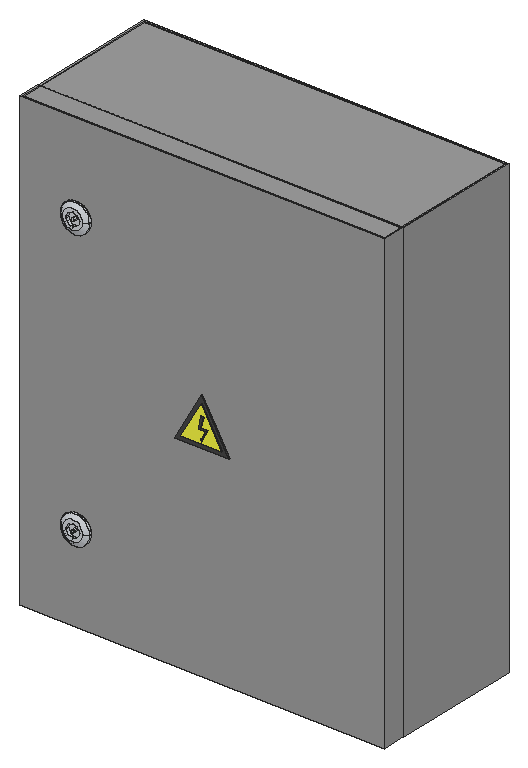
Revit family "БА150_RV17_LOD400 (05.11.23)", category Электрооборудование, Revit 2017
Family settings
  Конфигурация панели = Два столбца, слева направо
  Размер круглого соединителя = Использовать диаметр
  Тип детали = Щит
  На основе рабочей плоскости = Нет
  Всегда вертикально = Да
  При загрузке вырезать с полостями = Нет
  Общий = Нет
  Точка расчета площади = Нет
Parameters (values of type "БА150")
  диапазон частот при неравномерности АЧХ-3дБ, Гц = "20-20000"
  дверь = yes
  Уровень звука речевых сообщенийв любой точке озвучивания пространства, дБ = "не более 120"
  Уровень звука речевых сообщений на расстоянии 3м от  специального оконечного устройства оповещения населения = "не менее 75"
  Уровень звука речевых сообщений выше допустимого уровня звука постоянного шума, более чем на 15 дБ = "да"
  Сохранение работоспособности при отключении энергоснабжения в режиме передачи сигналов и информации оповещения, не менее, час = 1
  Сохранение работоспособности при отключении энергоснабжения в дежурном режиме ожидания, не менее, час = 6
  Смещение_УГО_Y [instance] = 0 mm
  Смещение_УГО_X [instance] = 0 mm
  Размещение аккумуляторных батарей (АКБ) = "в корпусе изделия"
  Раздел проекта [instance] = ""
  Раздел Спецификации [instance] = ""
  Разборчивость слов при передаче речевых сообщений, не менее, % = 93
  Потребляемая системой обогрева электрическая мощность, не более, Вт = 200
  Потребляемая изделием электрическая мощность (без учета системы обогрева), не более, Вт = 211
  Переключения АКБ-сеть 220В и обратно = "онлайн"
  Номинальное выходное напряжение постоянного тока, В = 24
  Номинальная / максимальная мощность на один канал, не менее, Вт = "75 / 100"
  Настройки уровня громкости сигнала для повседневного режима работы и для режима возникновения угрозы = "да"
  Напряжение = "220"
  Мощность = "75"
  Материал корпуса = "нержавеющая сталь"
  Коэффициенте гармоник, не более = 0.02
  Коэффициент нелинейных искажений на частоте 1000 Гц, не более, % = 5
  Количество линий оповещения, шт = 2
  Количество АКБ, шт. = 2
  Интерфейс связи = "10BaseT/100 BaseTХ Ethernet (RJ-45)"
  Звуковое сопровождение трансляции видеоконтента на терминальных комплексах = "да"
  Емкость / Напряжение АКБ, А*ч / В = "12 / 12"
  Диапазон рабочих температур = "от -50º до +55º"
  Диапазон воспроизводимых частот речевого тракта, кГц = "от 0,3 до 3,4"
  Грозозащита на выходах линий оповещения = "да"
  Возможность объединения в единый комплекс по сети Ethernet = "да"
  В_Смещение_УГО_Y [instance] = Смещение_УГО_Y + 2000 mm  # 2000 mm
  В_Смещение_УГО_X [instance] = Смещение_УГО_X + 2000 mm  # 2000 mm
  АКБ_2 = no
  АКБ = no
  d_короба = 20 mm
  ADSK_Размер_Длина = 400 mm
  ADSK_Размер_Глубина = 170 mm
  ADSK_Размер_Высота = 500 mm
  ADSK_Примечание = ""
  ADSK_Наименование = "Аудиоусилитель БА150"
  ADSK_Масса = 26.5
  ADSK_Марка = "СТВФ.426471.554"
  ADSK_Количество = 1
  ADSK_Завод-изготовитель = "ООО «Основа Безопасности»"  # constant formula
  ADSK_Единица измерения = "шт."  # constant formula
  ADSK_URL страницы изделия = "https://stilsoft.ru/products/ba150"
  ADSK_URL документации изделия = ""
Reference planes
  plane 1 "По центру (Вперед/Назад)": y = 0
  plane 2: z = 0
  plane 3 "По центру (Влево/Вправо)": x = 0
  plane 4: y = 2000
  plane 5: x = -2000
  plane 6: x = 0
  plane 7: y = 0
  plane 8: x = 200
  plane 9: x = -200
  plane 10 "перед": y = -170
  plane 11 "вверх": z = 500
  plane 12: y = -145
  plane 13: y = -144
Forms (mm)
  Extrusion 1, solid, material "КОРПУС", detail levels medium+fine
    sketch origin (0, 0, 0) x (1, 0, 0) y (0, 1, 0)
      loop
        line (-200, -144) -> (-197.988, -144) -> (-197.988, -2.013) -> (-197, -2.013) -> (198, -2.013) -> (198, -144) -> (200, -144) -> (200, 0) -> (-200, 0) -> (-200, -144)
    from 0 to 500
  Extrusion 2, solid, material "КОРПУС", detail levels medium+fine
    sketch origin (0, 0, 500) x (-1, 0, 0) y (0, -1, 0)
      loop
        line (197.988, 2.013) -> (197.988, 144) -> (-198, 144) -> (-198, 2.013) -> (197.988, 2.013)
    from 0 to -2
  Extrusion 3, solid, material "КОРПУС", detail levels medium+fine
    sketch origin (0, 0, 0) x (1, 0, 0) y (0, 1, 0)
      loop
        line (-197.988, -2.013) -> (-197.988, -144) -> (198, -144) -> (198, -2.013) -> (-197.988, -2.013)
    from 0 to 2
  Extrusion 4, solid, material "КОРПУС", visible <- "дверь", detail levels medium+fine
    sketch origin (0, 0, 0) x (1, 0, 0) y (0, 1, 0)
      loop
        line (-200, -145) -> (-200, -170) -> (200, -170) -> (200, -145) -> (198.017, -145) -> (198.017, -168.021) -> (-197.956, -168.021) -> (-197.956, -145) -> (-200, -145)
    from 0 to 500
  Extrusion 5, solid, material "КОРПУС", visible <- "дверь", detail levels medium+fine
    sketch origin (0, 0, 0) x (1, 0, 0) y (0, 1, 0)
      loop
        line (-197.956, -145) -> (-197.956, -168.021) -> (198.017, -168.021) -> (198.017, -145) -> (-197.956, -145)
    from 0 to 2
  Extrusion 6, solid, material "КОРПУС", visible <- "дверь", detail levels medium+fine
    sketch origin (0, 0, 500) x (-1, 0, 0) y (0, -1, 0)
      loop
        line (197.956, 145) -> (197.956, 168.021) -> (-198.017, 168.021) -> (-198.017, 145) -> (197.956, 145)
    from 0 to -2
  Extrusion 7, void, detail levels medium+fine
    sketch origin (0, 0, 0) x (1, 0, 0) y (0, 1, 0)
      loop
        circle (-125.488, -40.513) r 9.5
    from 0 to 2
  Extrusion 8, void, detail levels medium+fine
    sketch origin (50, 0, 0) x (1, 0, 0) y (0, 1, 0)
      loop
        circle (-125.488, -40.513) r 9.5
    from 0 to 2
  Extrusion 9, void, detail levels medium+fine
    sketch origin (100, 0, 0) x (1, 0, 0) y (0, 1, 0)
      loop
        circle (-125.488, -40.513) r 9.5
    from 0 to 2
  Extrusion 10, void, detail levels medium+fine
    sketch origin (150, 0, 0) x (1, 0, 0) y (0, 1, 0)
      loop
        circle (-125.488, -40.513) r 9.5
    from 0 to 2
  Extrusion 11, void, detail levels medium+fine
    sketch origin (200, 0, 0) x (1, 0, 0) y (0, 1, 0)
      loop
        circle (-125.488, -40.513) r 9.5
    from 0 to 2
  Extrusion 12, void, detail levels medium+fine
    sketch origin (250, 0, 0) x (1, 0, 0) y (0, 1, 0)
      loop
        circle (-125.488, -40.513) r 9.5
    from 0 to 2
  Extrusion 13, solid, visible <- "дверь", detail levels medium+fine
    sketch origin (0, -170, 0) x (1, 0, 0) y (0, 0, 1)
      loop
        circle (-137.956, 97) r 16
    from 0 to 2
  Extrusion 14, solid, visible <- "дверь", detail levels medium+fine
    sketch origin (0, -170, 500) x (1, 0, 0) y (0, 0, 1)
      loop
        circle (-137.956, -97) r 16
    from 0 to 2
  Blend 15, solid, visible <- "дверь", detail levels medium+fine
    base sketch origin (0, -170, 0) x (1, 0, 0) y (0, 0, 1)
      loop
        circle (-137.956, 97) r 16
    top sketch origin (0, -170, 0) x (1, 0, 0) y (0, 0, 1)
      loop
        circle (-137.956, 97) r 11
    from 2 to 5
  Blend 16, solid, visible <- "дверь", detail levels medium+fine
    base sketch origin (0, -170, 500) x (1, 0, 0) y (0, 0, 1)
      loop
        circle (-137.956, -97) r 16
    top sketch origin (0, -170, 500) x (1, 0, 0) y (0, 0, 1)
      loop
        circle (-137.956, -97) r 11
    from 2 to 5
  Extrusion 17, void, detail levels medium+fine
    sketch origin (0, -170, 0) x (1, 0, 0) y (0, 0, 1)
      loop
        circle (-137.587, 97) r 1.433
      loop
        arc (-138.499, 104.084) -> (-142.607, 102.079) -> (-144.659, 97.994) r 7.142
        line (-144.659, 97.994) -> (-145.718, 97.994) -> (-145.718, 96.084) -> (-144.67, 96.084)
        arc (-144.67, 96.084) -> (-142.635, 91.948) -> (-138.499, 89.916) r 7.142
        line (-138.499, 89.916) -> (-138.499, 88.846) -> (-136.588, 88.846) -> (-136.588, 89.928)
        arc (-136.588, 89.928) -> (-132.507, 91.979) -> (-130.504, 96.084) r 7.142
        line (-130.504, 96.084) -> (-129.456, 96.084) -> (-129.456, 97.994) -> (-130.514, 97.994)
        arc (-130.514, 97.994) -> (-132.535, 102.049) -> (-136.588, 104.072) r 7.142
        line (-136.588, 104.072) -> (-136.588, 105.154) -> (-138.499, 105.154) -> (-138.499, 104.084)
    from 5 to 2
  Extrusion 18, void, detail levels medium+fine
    sketch origin (0, -170, 500) x (1, 0, 0) y (0, 0, 1)
      loop
        circle (-137.587, -97) r 1.433
      loop
        line (-138.499, -104.084) -> (-138.499, -105.154) -> (-136.588, -105.154) -> (-136.588, -104.072)
        arc (-136.588, -104.072) -> (-132.535, -102.049) -> (-130.514, -97.994) r 7.142
        line (-130.514, -97.994) -> (-129.456, -97.994) -> (-129.456, -96.084) -> (-130.504, -96.084)
        arc (-130.504, -96.084) -> (-132.507, -91.979) -> (-136.588, -89.928) r 7.142
        line (-136.588, -89.928) -> (-136.588, -88.846) -> (-138.499, -88.846) -> (-138.499, -89.916)
        arc (-138.499, -89.916) -> (-142.635, -91.948) -> (-144.67, -96.084) r 7.142
        line (-144.67, -96.084) -> (-145.718, -96.084) -> (-145.718, -97.994) -> (-144.659, -97.994)
        arc (-144.659, -97.994) -> (-142.607, -102.079) -> (-138.499, -104.084) r 7.142
    from 5 to 2
  Extrusion 19, solid, material "НАКЛЕЙКА", visible <- "дверь", detail levels medium+fine
    sketch origin (0, -170, 0) x (1, 0, 0) y (0, 0, 1)
      loop
        line (-30, 225) -> (30, 225) -> (0, 276.962) -> (-30, 225)
    from 0 to 0.7
  Extrusion 20, solid, material "НАКЛЕЙКА(1)", visible <- "дверь", detail levels medium+fine
    sketch origin (-4.168, -170, -1.553) x (1, 0, 0) y (0, 0, 1)
      loop
        line (-18.195, 231.007) -> (26.532, 231.007) -> (4.168, 269.742) -> (-18.195, 231.007)
    from 0 to 0.9
  Extrusion 21, solid, material "НАКЛЕЙКА", detail levels medium+fine
    sketch origin (0, -170, 0) x (1, 0, 0) y (0, 0, 1)
      loop
        line (-1.169, 256.266) -> (-3.313, 243.046) -> (4.506, 243.046) -> (0, 233.808) -> (-1.116, 233.808) -> (0, 231.415) -> (1.382, 233.808) -> (0.467, 233.808) -> (6.815, 244.804) -> (-0.891, 244.804) -> (2.206, 256.266) -> (-1.169, 256.266)
    from 0 to 1
Cuts and joins
  Extrusion 7, Extrusion 8, Extrusion 9, Extrusion 10, Extrusion 11, Extrusion 12 cuts Extrusion 3
  Extrusion 17, Extrusion 18 cuts Extrusion 13
  Extrusion 17, Extrusion 18 cuts Blend 15
  Extrusion 18 cuts Blend 16
Dimensions and locks
  locked: plane 4 to plane 1 "По центру (Вперед/Назад)" at 2000
  locked: plane 5 to plane 3 "По центру (Влево/Вправо)" at 2000
  "В_Смещение_УГО_X": plane 5 to plane 6
  "В_Смещение_УГО_Y": plane 4 to plane 7
  "ADSK_Размер_Глубина": plane 10 "перед" to plane 1 "По центру (Вперед/Назад)"
  "ADSK_Размер_Длина": plane 9 to plane 8
  "ADSK_Размер_Высота": plane 11 "вверх" to level
  aligned and locked: level to plane 2
Automatic sketch dimensions
  Extrusion 1 sketch curve to plane 9 = 0 mm
  Extrusion 1 sketch curve to plane 13 = 0 mm  (x2)
  Extrusion 1 sketch curve to plane 8 = 0 mm
  plane 1 "По центру (Вперед/Назад)" to Extrusion 1 sketch curve = 0 mm
  Extrusion 1 sketch curve to plane 9 = 2.012 mm
  Extrusion 1 sketch curve to Extrusion 1 sketch curve = 0.988 mm
  Extrusion 1 sketch curve to plane 8 = 2 mm
  plane 1 "По центру (Вперед/Назад)" to Extrusion 1 sketch curve = 2.013 mm
  Extrusion 2 sketch curve to plane 13 = 0 mm
  Extrusion 2 sketch curve to plane 8 = 2 mm
  Extrusion 2 sketch curve to plane 9 = 2.012 mm
  plane 1 "По центру (Вперед/Назад)" to Extrusion 2 sketch curve = 2.013 mm
  Extrusion 3 sketch curve to plane 13 = 0 mm
  Extrusion 3 sketch curve to plane 9 = 2.012 mm
  Extrusion 3 sketch curve to plane 8 = 2 mm
  plane 1 "По центру (Вперед/Назад)" to Extrusion 3 sketch curve = 2.013 mm
  Extrusion 4 sketch curve to plane 9 = 0 mm
  Extrusion 4 sketch curve to plane 12 = 0 mm  (x2)
  Extrusion 4 sketch curve to plane 8 = 0 mm
  plane 10 "перед" to Extrusion 4 sketch curve = 0 mm
  Extrusion 4 sketch curve to plane 9 = 2.044 mm
  Extrusion 4 sketch curve to plane 8 = 1.983 mm
  Extrusion 4 sketch curve to plane 10 "перед" = 1.979 mm
  Extrusion 5 sketch curve to plane 12 = 0 mm
  Extrusion 5 sketch curve to plane 9 = 2.044 mm
  Extrusion 5 sketch curve to plane 8 = 1.983 mm
  Extrusion 5 sketch curve to plane 10 "перед" = 1.979 mm
  Extrusion 6 sketch curve to plane 12 = 0 mm
  Extrusion 6 sketch curve to plane 8 = 1.983 mm
  Extrusion 6 sketch curve to plane 9 = 2.044 mm
  Extrusion 6 sketch curve to plane 10 "перед" = 1.979 mm
  Extrusion 7 sketch curve to plane 9 = 74.512 mm
  plane 1 "По центру (Вперед/Назад)" to Extrusion 7 sketch curve = 40.513 mm
  Extrusion 8 sketch curve to plane 3 "По центру (Влево/Вправо)" = 75.488 mm
  plane 1 "По центру (Вперед/Назад)" to Extrusion 8 sketch curve = 40.513 mm
  Extrusion 9 sketch curve to plane 3 "По центру (Влево/Вправо)" = 25.488 mm
  plane 1 "По центру (Вперед/Назад)" to Extrusion 9 sketch curve = 40.513 mm
  plane 3 "По центру (Влево/Вправо)" to Extrusion 10 sketch curve = 24.512 mm
  plane 1 "По центру (Вперед/Назад)" to Extrusion 10 sketch curve = 40.513 mm
  plane 3 "По центру (Влево/Вправо)" to Extrusion 11 sketch curve = 74.512 mm
  plane 1 "По центру (Вперед/Назад)" to Extrusion 11 sketch curve = 40.513 mm
  Extrusion 12 sketch curve to plane 8 = 75.488 mm
  plane 1 "По центру (Вперед/Назад)" to Extrusion 12 sketch curve = 40.513 mm
  Extrusion 13 sketch curve to plane 9 = 62.044 mm
  level to Extrusion 13 sketch curve = 97 mm
  plane 9 to Extrusion 14 sketch curve = 62.044 mm
  plane 11 "вверх" to Extrusion 14 sketch curve = 97 mm
  Blend 15 sketch curve to plane 9 = 62.044 mm  (x2)
  level to Blend 15 sketch curve = 97 mm  (x2)
  plane 9 to Blend 16 sketch curve = 62.044 mm  (x2)
  plane 11 "вверх" to Blend 16 sketch curve = 97 mm  (x2)
  Extrusion 17 sketch curve to Extrusion 17 sketch curve = 0 mm  (x21)
  Extrusion 17 sketch curve to plane 9 = 54.282 mm
  Extrusion 17 sketch curve to Extrusion 17 sketch curve = 1.048 mm  (x2)
  Extrusion 17 sketch curve to Extrusion 17 sketch curve = 1.058 mm
  Extrusion 17 sketch curve to Extrusion 17 sketch curve = 6.171 mm
  Extrusion 17 sketch curve to Extrusion 17 sketch curve = 6.16 mm
  Extrusion 17 sketch curve to Extrusion 17 sketch curve = 7.083 mm
  Extrusion 17 sketch curve to Extrusion 17 sketch curve = 1.911 mm  (x4)
  Extrusion 17 sketch curve to Extrusion 17 sketch curve = 7.072 mm
  Extrusion 17 sketch curve to Extrusion 17 sketch curve = 0.011 mm
  level to Extrusion 17 sketch curve = 88.846 mm
  Extrusion 17 sketch curve to Extrusion 17 sketch curve = 1.071 mm
  Extrusion 17 sketch curve to Extrusion 17 sketch curve = 1.083 mm  (x2)
  Extrusion 17 sketch curve to Extrusion 17 sketch curve = 6.156 mm
  Extrusion 18 sketch curve to Extrusion 18 sketch curve = 0 mm  (x21)
  plane 9 to Extrusion 18 sketch curve = 54.282 mm
  Extrusion 18 sketch curve to Extrusion 18 sketch curve = 1.048 mm  (x2)
  Extrusion 18 sketch curve to Extrusion 18 sketch curve = 1.058 mm
  Extrusion 18 sketch curve to Extrusion 18 sketch curve = 6.171 mm
  Extrusion 18 sketch curve to Extrusion 18 sketch curve = 6.16 mm
  Extrusion 18 sketch curve to Extrusion 18 sketch curve = 0.912 mm
  Extrusion 18 sketch curve to Extrusion 18 sketch curve = 1.911 mm  (x4)
  Extrusion 18 sketch curve to Extrusion 18 sketch curve = 7.072 mm
  Extrusion 18 sketch curve to Extrusion 18 sketch curve = 0.011 mm
  plane 11 "вверх" to Extrusion 18 sketch curve = 88.846 mm
  Extrusion 18 sketch curve to Extrusion 18 sketch curve = 1.071 mm
  Extrusion 18 sketch curve to Extrusion 18 sketch curve = 1.083 mm  (x2)
  Extrusion 18 sketch curve to Extrusion 18 sketch curve = 6.156 mm
  Extrusion 19 sketch curve to plane 3 "По центру (Влево/Вправо)" = 0 mm
  Extrusion 19 sketch curve to plane 3 "По центру (Влево/Вправо)" = 30 mm
  plane 3 "По центру (Влево/Вправо)" to Extrusion 19 sketch curve = 30 mm
  level to Extrusion 19 sketch curve = 225 mm
  Extrusion 19 sketch curve to Extrusion 19 sketch curve = 51.962 mm
  Extrusion 20 sketch curve to plane 3 "По центру (Влево/Вправо)" = 0 mm
  Extrusion 20 sketch curve to plane 3 "По центру (Влево/Вправо)" = 22.364 mm
  plane 3 "По центру (Влево/Вправо)" to Extrusion 20 sketch curve = 22.364 mm
  level to Extrusion 20 sketch curve = 229.454 mm
  Extrusion 20 sketch curve to Extrusion 20 sketch curve = 38.735 mm
  Extrusion 21 sketch curve to plane 3 "По центру (Влево/Вправо)" = 0 mm  (x2)
  Extrusion 21 sketch curve to plane 3 "По центру (Влево/Вправо)" = 0.891 mm
  Extrusion 21 sketch curve to Extrusion 21 sketch curve = 1.116 mm
  Extrusion 21 sketch curve to plane 3 "По центру (Влево/Вправо)" = 1.169 mm
  Extrusion 21 sketch curve to Extrusion 21 sketch curve = 2.421 mm
  plane 3 "По центру (Влево/Вправо)" to Extrusion 21 sketch curve = 0.467 mm
  Extrusion 21 sketch curve to Extrusion 21 sketch curve = 0.915 mm
  plane 3 "По центру (Влево/Вправо)" to Extrusion 21 sketch curve = 2.206 mm
  plane 3 "По центру (Влево/Вправо)" to Extrusion 21 sketch curve = 4.506 mm
  Extrusion 21 sketch curve to Extrusion 21 sketch curve = 2.309 mm
  level to Extrusion 21 sketch curve = 231.415 mm
  Extrusion 21 sketch curve to Extrusion 21 sketch curve = 2.393 mm
  Extrusion 21 sketch curve to Extrusion 21 sketch curve = 0 mm
  Extrusion 21 sketch curve to Extrusion 21 sketch curve = 9.238 mm
  Extrusion 21 sketch curve to Extrusion 21 sketch curve = 1.758 mm
  Extrusion 21 sketch curve to Extrusion 21 sketch curve = 11.462 mm
  radius of Extrusion 7 sketch curve = 9.5 mm
  radius of Extrusion 8 sketch curve = 9.5 mm
  radius of Extrusion 9 sketch curve = 9.5 mm
  radius of Extrusion 10 sketch curve = 9.5 mm
  radius of Extrusion 11 sketch curve = 9.5 mm
  radius of Extrusion 12 sketch curve = 9.5 mm
  radius of Extrusion 13 sketch curve = 16 mm
  radius of Extrusion 14 sketch curve = 16 mm
  radius of Blend 15 sketch curve = 16 mm
  radius of Blend 15 sketch curve = 11 mm
  radius of Blend 16 sketch curve = 16 mm
  radius of Blend 16 sketch curve = 11 mm
  radius of Extrusion 17 sketch curve = 1.433 mm
  radius of Extrusion 18 sketch curve = 1.433 mm
Nested families
  nested 1: "АКБ" at (100, -2.013, 84.202), visible <- "АКБ_2", type "АКБ", detail levels medium+fine
  nested 2: "АКБ" at (100, -2.013, 191.209), visible <- "АКБ", type "АКБ", detail levels medium+fine
Connectors
  electrical at (-25.488, -40.513, 0)
    settings: on cut or joined group of Extrusion 3, Extrusion 7, Extrusion 8, Extrusion 9, Extrusion 10, Extrusion 11, Extrusion 12, index 1, voltage 0 V, apparent load 0 VA, apparent load phase1 0 VA, apparent load phase2 0 VA, apparent load phase3 0 VA, power factor 1, load classification "Прочее", number of poles 1, system type 31, power factor state 1, is connector primary yes, connector utility no, sub classification motor no, connector description ""
  cabletrayconduit at (-25.488, -40.513, 2), diameter 20, driven by "d_короба"
    settings: on cut or joined group of Extrusion 3, Extrusion 7, Extrusion 8, Extrusion 9, Extrusion 10, Extrusion 11, Extrusion 12, index 2, connector width 300 mm, connector height 300 mm, connector angle 0.00°, system type 32, placement type 0, profile type 0, connector reference index -1, is primary connector yes, connector utility param no, connector description ""
Definition of nested family "АКБ"
  Parameters (values of type "АКБ")
    ADSK_Размер_Ширина = 151 mm
    ADSK_Размер_Глубина = 65 mm
    ADSK_Размер_Высота = 92 mm
  Reference planes
    plane 1 "По центру (Вперед/Назад)": y = 0
    plane 2: z = 0
    plane 3 "По центру (Влево/Вправо)": x = 0
    plane 4: y = -65
    plane 5: x = 75.5
    plane 6: x = -75.5
    plane 7: z = 92
  Forms (mm)
    Extrusion 1, solid
      sketch origin (0, 0, 0) x (1, 0, 0) y (0, 1, 0)
        loop
          line (-75.5, 0) -> (-75.5, -65) -> (75.5, -65) -> (75.5, 0) -> (-75.5, 0)
      from 0 to 92
  Dimensions and locks
    "ADSK_Размер_Ширина": plane 6 to plane 5
    "ADSK_Размер_Глубина": plane 4 to plane 1 "По центру (Вперед/Назад)"
    "ADSK_Размер_Высота": plane 7 to level
    aligned and locked: level to plane 2
  Automatic sketch dimensions
    Extrusion 1 sketch curve to plane 4 = 0 mm
    Extrusion 1 sketch curve to plane 6 = 0 mm
    Extrusion 1 sketch curve to plane 5 = 0 mm
    plane 1 "По центру (Вперед/Назад)" to Extrusion 1 sketch curve = 0 mm
